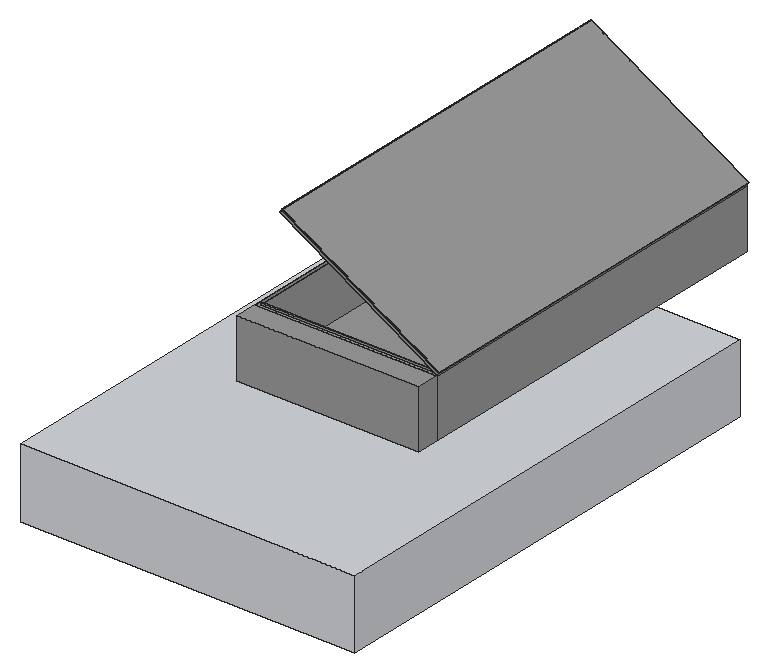
Revit family "Hager-Univers-IP55-D275-H1800-Cl.I-Steel_encl-AT-de", category Equipement électrique, Revit 2020
Family settings
  Hôte = Face
  Configuration du panneau = Deux colonnes, circuits au sein
  Cote de connecteur circulaire = Utiliser le diamètre
  Type d'élément = Tableau de raccordement
  Couper avec des vides une fois chargée = Non
  Partagée = Non
  Point de calcul de pièce = Non
Parameters (values of type "Bodenaufstellung IP55 B800 H1800 T275  - FR13E1")
  Width Control [instance] = if([EF000008 - Breite] > Min Width, [EF000008 - Breite], Min Width)  # 800 mm
  Commentaires du type = [HG000003 - Bereich]  # "Univers"
  Thickness Door [instance] = if([EF009171 - Materialstärke Tür/Deckel] > 3 mm, 3 mm, [EF009171 - Materialstärke Tür/Deckel])  # 1.5 mm
  Seal Frame Offset [instance] = 17 mm  # constant formula
  Plinth Visibility [instance] = [HG000027 - Sockelhöhe] > 0 mm  # yes
  Model = ""
  Min Width [instance] = 100 mm  # constant formula
  Min Height [instance] = 100 mm  # constant formula
  Min Depth [instance] = (2 * [EF009170 - Materialstärke Gehäuse]) + 1 mm  # 4 mm
  Internal Frame Depth [instance] = (Door System Depth * 0.5)  # 9 mm
  Height Control [instance] = if([EF000040 - Höhe] > Min Height, [EF000040 - Höhe], Min Height)  # 1800 mm
  HG000027 - Sockelhöhe = 100 mm
  HG000026 - Stehend auf dem Boden = yes
  HG000024 - Höhe des unteren Teils = 800 mm
  HG000023 - Gehäuse mit doppeltem Querschnitt = no
  HG000016 - 3D-Türsichtbarkeit [instance] = yes
  HG000015 - Sichtbarkeit der Türöffnung [instance] = no
  HG000014 - Tür rechts [instance] = yes
  HG000013 - Tür links [instance] = not([HG000014 - Tür rechts])  # no
  HG000012 - Türschwenkwinkel [instance] = 30.00°
  HG000010 - Asymmetrische Türen = no
  HG000009 - Doppelflügeligen Tür = no
  HG000006 - Unterputz = no
  HG000004 - Herstellerreferenz = "FR13E1"
  HG000003 - Bereich = "Univers"
  HG000002 - Mit tür = yes
  Frame Offset Bottom [instance] = 10 mm  # constant formula
  Frame Offset [instance] = 15 mm  # constant formula
  EF015940 - Deckel mit Überdruckentlastung = no
  EF011959 - Schutzart (NEMA) = ""
  EF009554 - Anzahl der Öffnungen für Flanschplatten = 6
  Fabricant = "Hager"  # constant formula
  EF009212 - Ausführung Deckel = "EV000116 - geschlossen"
  EF009171 - Materialstärke Tür/Deckel = 1.5 mm
  EF009170 - Materialstärke Gehäuse = 1.5 mm
  EF008873 - Nennstrom (In) = 800 A
  EF007800 - Geeignet für Blitzschutz = no
  EF006306 - Mit Schloss = no
  EF006244 - Transparenter Deckel/Tür = no
  EF005474 - Schutzart (IP) = "EV006420 - IP55"
  EF004464 - Art der Tür = "EV002646 - Einzel"
  EF004427 - Anzahl der Module = 396
  EF004293 - Schlagfestigkeit = "EV008784 - IK10"
  EF003532 - Geeignet für Außengebrauch = no
  EF002950 - Breite in Teilungseinheiten = 24
  EF001613 - Funktionserhalt = "EV000494 - ohne"
  EF001596 - Werkstoff des Gehäuses = "EV000179 - Stahl"
  EF001131 - Innentiefe = 275 mm
  EF001088 - Anbaumöglichkeit = yes
  EF000437 - Anzahl der Leitungseinführungen = 6
  EF000339 - Art der Abdeckung = "EV004216 - Tür"
  EF000266 - Anzahl der Reihen = 11
  EF000218 - Einbautiefe = 0 mm
  EF000118 - Mit Montageplatte = no
  EF000116 - RAL-Nummer = "7035"
  EF000049 - Tiefe = 275 mm
  EF000040 - Höhe = 1800 mm
  EF000008 - Breite = 800 mm
  EF000007 - Farbe = "EV000270 - grau"
  EF000003 - Montageart = "EV012274 - Bodenaufstellung"
  Door System Leaf Tolerance [instance] = 1.5 mm  # constant formula
  Door System Depth [instance] = 18 mm  # constant formula
  Door Height [instance] = Height Control - [HG000027 - Sockelhöhe]  # 1700 mm
  Depth Control [instance] = if([EF000049 - Tiefe] > Min Depth, [EF000049 - Tiefe], Min Depth)  # 275 mm
  Default Elevation = 0 mm
  Connector Offset [instance] = Height Control / 2  # 900 mm
  Bottom Top Plate Trim [instance] = 1.5 mm  # constant formula
  Plinth height Ctrl [instance] = if([HG000027 - Sockelhöhe] > 0 mm, [HG000027 - Sockelhöhe], 12 mm)  # 100 mm
Types (5, lengths in mm): name | Width Control | HG000010 - Asymmetrische Türen | HG000009 - Doppelflügeligen Tür | HG000004 - Herstellerreferenz | EF009554 - Anzahl der Öffnungen für Flanschplatten | EF004464 - Art der Tür | EF004427 - Anzahl der Module | EF000437 - Anzahl der Leitungseinführungen | EF000008 - Breite
  Bodenaufstellung IP55 B1050 H1800 T275  - FR14E1 | 1050 | yes | yes | "FR14E1" | 8 | "EV003602 - Doppel" | 528 | 8 | 1050
  Bodenaufstellung IP55 B1300 H1800 T275  - FR15E1 | 1300 | yes | yes | "FR15E1" | 10 | "EV003602 - Doppel" | 660 | 10 | 1300
  Bodenaufstellung IP55 B300 H1800 T275  - FR11E1 | 300 | no | no | "FR11E1" | 2 | "EV002646 - Einzel" | 132 | 2 | 300
  Bodenaufstellung IP55 B550 H1800 T275  - FR12E1 | 550 | no | no | "FR12E1" | 4 | "EV002646 - Einzel" | 264 | 4 | 550
  Bodenaufstellung IP55 B800 H1800 T275  - FR13E1 | 800 | no | no | "FR13E1" | 6 | "EV002646 - Einzel" | 396 | 6 | 800
Reference planes
  plane 1 "Center (Front/Back)": y = 0
  plane 2: z = 0
  plane 3 "Center (Left/Right)": x = 0
  plane 4: z = 275
  plane 5: y = 101.5
  plane 6: y = 950
  plane 7: y = 100
  plane 8: y = 1800
  plane 9: z = 0
  plane 10: x = -385
  plane 11: x = 385
  plane 12: x = 383.5
  plane 13: x = -383.5
  plane 14: y = 1798.5
  plane 15: x = -383
  plane 16: x = -400
  plane 17: x = 383
  plane 18: x = 400
  plane 19: x = 398.5
  plane 20: x = -398.5
  plane 21: y = 111.5
  plane 22: y = 1800
  plane 23: y = 1783.5
  plane 24: z = 257
  plane 25: z = 1.5
  plane 26: z = 255.5
  plane 27: z = 273.5
Forms (mm)
  Extrusion 1, solid
    sketch origin (0, 0, 0) x (1, 0, 0) y (0, 1, 0)
      loop
        line (-702.964, 1305) -> (-702.964, -811.445) -> (766.763, -811.445) -> (766.763, 1305) -> (-702.964, 1305)
    from 0 to -304.8
  Extrusion 2, solid, material "Hager_Steel_RAL7035_Light_Grey", visible <- "Plinth Visibility", detail levels medium+fine
    sketch origin (0, 0, 0) x (1, 0, 0) y (0, 1, 0)
      loop
        line (-400, 0) -> (400, 0) -> (400, 100) -> (-400, 100) -> (-400, 0)
    from 0 to 257
  Extrusion 3, solid, material "Hager_Steel_RAL7035_Light_Grey", detail levels medium+fine
    sketch origin (0, 0, 0) x (1, 0, 0) y (0, 1, 0)
      loop
        line (-400, 100) -> (400, 100) -> (400, 1800) -> (-400, 1800) -> (-400, 100)
    from 0 to 257
  Extrusion 4, void
    sketch origin (0, 0, 0) x (1, 0, 0) y (0, 1, 0)
      loop
        line (-398.5, 101.5) -> (398.5, 101.5) -> (398.5, 1798.5) -> (-398.5, 1798.5) -> (-398.5, 101.5)
    from 1.5 to 255.5
  Extrusion 5, void
    sketch origin (-381.607, -4572, 257) x (0, -1, 0) y (-1, 0, 0)
      loop
        line (-4683.5, 1.893) -> (-6355.5, 1.893) -> (-6355.5, -765.107) -> (-4683.5, -765.107) -> (-4683.5, 1.893)
    from 0 to 1.5 <- "EF009170 - Materialstärke Gehäuse"
  Extrusion 6, solid, material "Hager_Steel_RAL7035_Light_Grey", detail levels fine
    sketch origin (0, 0, 257) x (1, 0, 0) y (0, 1, 0)
      loop
        line (-383.5, 1783.5) -> (-383.5, 111.5) -> (383.5, 111.5) -> (383.5, 1783.5) -> (-383.5, 1783.5)
      loop
        line (-385, 110) -> (385, 110) -> (385, 1785) -> (-385, 1785) -> (-385, 110)
    from 0 to 9 <- "Internal Frame Depth"
  Extrusion 7, solid, material "Hager_Steel_RAL7035_Light_Grey", detail levels coarse
    sketch origin (0, 0, 0) x (1, 0, 0) y (0, 1, 0)
      loop
        line (-400, 0) -> (400, 0) -> (400, 1800) -> (-400, 1800) -> (-400, 0)
    from 0 to 275
  Sweep 8, void
    path in 3D
      loop
        line (-400, 100, 0) -> (400, 100, 0) -> (400, 100, 257) -> (-400, 100, 257) -> (-400, 100, 0)
    profile origin (-400, 100, 128.5) x (-1, 0, 0) y (0, -1, 0)
      loop
        line (0, 0) -> (0, 1.5) -> (-1.5, 1.5)
        arc (-1.5, 1.5) -> (-1.061, 0.439) -> (0, 0) r 1.5
Cuts and joins
  Extrusion 4, Extrusion 5 cuts Extrusion 3
  Sweep 8 cuts Extrusion 2
Lines and regions (mm)
  Masking region 1
    outline origin (0, 0, 0) x (1, 0, 0) y (0, 0, 1)
      loop
        line (-400, 275) -> (-400, 0) -> (400, 0) -> (400, 275) -> (-400, 275)
  Masking region 2, detail levels medium+fine
    outline origin (0, 140, 0) x (0, 1, 0) y (0, 0, 1)
      loop
        line (-40, 0) -> (1660, 0) -> (1660, 257) -> (-40, 257) -> (-40, 0)
  Masking region 3, not visible, detail levels medium+fine
    outline origin (0, 297.922, 0) x (0, 1, 0) y (0, 0, 1)
      loop
        line (663.578, 0) -> (703.578, 0) -> (703.578, 263.5)
        arc (703.578, 263.5) -> (700.649, 270.571) -> (693.578, 273.5) r 10
        line (693.578, 273.5) -> (663.578, 273.5) -> (663.578, 0)
  Masking region 4, detail levels coarse
    outline origin (0, 0, 180) x (0, 1, 0) y (0, 0, 1)
      loop
        line (0, -180) -> (1800, -180) -> (1800, 95) -> (0, 95) -> (0, -180)
  Masking region 5, visible <- "Plinth Visibility", detail levels medium+fine
    outline origin (0, 52.24, 12.345) x (0, 0, -1) y (0, 1, 0)
      loop
        line (10.845, 47.76) -> (-243.155, 47.76)
        arc (-243.155, 47.76) -> (-243.594, 46.699) -> (-244.655, 46.26) r 1.5
        line (-244.655, 46.26) -> (-244.655, -52.24) -> (12.345, -52.24) -> (12.345, 46.26)
        arc (12.345, 46.26) -> (11.285, 46.699) -> (10.845, 47.76) r 1.5
  Masking region 6, detail levels medium+fine
    outline origin (-381.607, -4572, 257) x (-1, 0, 0) y (0, -1, 0)
      loop
        line (18.393, -6372) -> (18.393, -4672) -> (-781.607, -4672) -> (-781.607, -6372) -> (18.393, -6372)
  Masking region 7, visible <- "Plinth Visibility", detail levels medium+fine
    outline origin (-381.607, -4727, 257) x (-1, 0, 0) y (0, -1, 0)
      loop
        arc (16.893, -4827) -> (17.332, -4825.939) -> (18.393, -4825.5) r 1.5
        line (18.393, -4825.5) -> (18.393, -4727) -> (-781.607, -4727) -> (-781.607, -4825.5)
        arc (-781.607, -4825.5) -> (-780.546, -4825.939) -> (-780.107, -4827) r 1.5
        line (-780.107, -4827) -> (16.893, -4827)
  Masking region 8, detail levels coarse
    outline origin (-442.548, -4669.526, 257) x (-1, 0, 0) y (0, -1, 0)
      loop
        line (-42.548, -6469.526) -> (-42.548, -4669.526) -> (-842.548, -4669.526) -> (-842.548, -6469.526) -> (-42.548, -6469.526)
  sketch lines
    curve 1: line (-400, 100, 257) -> (-400, 100, 0)
    curve 2: line (400, 100, 257) -> (-400, 100, 257)
    curve 3: line (400, 100, 257) -> (400, 100, 0)
    curve 4: line (-400, 100, 0) -> (400, 100, 0)
Dimensions and locks
  "Depth Control": plane 4 to Extrusion 1
  "HG000027 - Sockelhöhe": plane 1 "Center (Front/Back)" to plane 7
  "EF009170 - Materialstärke Gehäuse": plane 5 to plane 7
  locked: connector elem to plane 3 "Center (Left/Right)"
  equal spacing: plane 8, plane 6, plane 7
  locked: connector elem to plane 6
  "EF009170 - Materialstärke Gehäuse": plane 8 to plane 14
  "EF009170 - Materialstärke Gehäuse": plane 10 to plane 13
  "EF009170 - Materialstärke Gehäuse": plane 12 to plane 11
  "Frame Offset": plane 20 to plane 13
  "Frame Offset": plane 12 to plane 19
  "EF009170 - Materialstärke Gehäuse": plane 16 to plane 20
  "EF009170 - Materialstärke Gehäuse": plane 19 to plane 18
  "Seal Frame Offset": plane 16 to plane 15
  "Seal Frame Offset": plane 17 to plane 18
  "Frame Offset Bottom": plane 21 to plane 5
  "Frame Offset": plane 14 to plane 23
  equal spacing: plane 16, plane 3 "Center (Left/Right)", plane 18
  "Width Control": plane 16 to plane 18
  "EF009170 - Materialstärke Gehäuse": plane 4 to plane 27
  "EF009170 - Materialstärke Gehäuse": plane 24 to plane 26
  "EF009170 - Materialstärke Gehäuse": plane 25 to level
  "Door System Depth": plane 4 to plane 24
  "Height Control": plane 1 "Center (Front/Back)" to Extrusion 7 sketch curve
  "Height Control": Masking region 4 sketch curve to plane 1 "Center (Front/Back)"
  "Height Control": plane 1 "Center (Front/Back)" to plane 22
  "Bottom Top Plate Trim": profile plane to Sweep 8 sketch curve
  "Bottom Top Plate Trim": Sweep 8 sketch curve to profile plane
  "Plinth height Ctrl": plane 1 "Center (Front/Back)" to Extrusion 2 sketch curve
  "Plinth height Ctrl": Masking region 5 sketch curve to plane 1 "Center (Front/Back)"
  "Plinth height Ctrl": plane 1 "Center (Front/Back)" to Masking region 7 sketch curve
  "Thickness Door": Extrusion 6 sketch curve to Extrusion 6 sketch curve  (x3)
  "Thickness Door": cut or joined group of Extrusion 3, Extrusion 4, Extrusion 5 to Extrusion 6 sketch curve
  radius of Masking region 3 sketch curve = 10 mm
  "Bottom Top Plate Trim": radius of Masking region 5 sketch curve  (x2)
  "Bottom Top Plate Trim": radius of Sweep 8 sketch curve
  "Bottom Top Plate Trim": radius of Masking region 7 sketch curve  (x2)
  aligned and locked: plane 2 to Extrusion 1
  aligned and locked: level to Extrusion 1
  aligned and locked: level to Masking region 1 sketch curve
  aligned and locked: Masking region 1 sketch curve to plane 18
  aligned and locked: Masking region 1 sketch curve to plane 16
  aligned and locked: plane 7 to Masking region 2 sketch curve
  aligned and locked: level to Masking region 3 sketch curve
  aligned and locked: Masking region 3 sketch curve to plane 27
  aligned and locked: level to Masking region 2 sketch curve
  aligned and locked: plane 1 "Center (Front/Back)" to Extrusion 2 sketch curve
  aligned and locked: Extrusion 3 sketch curve to plane 7
  aligned and locked: plane 16 to Extrusion 3 sketch curve
  aligned and locked: plane 18 to Extrusion 3 sketch curve
  aligned and locked: plane 20 to Extrusion 4 sketch curve
  aligned and locked: plane 19 to Extrusion 4 sketch curve
  aligned and locked: Extrusion 4 sketch curve to plane 5
  aligned and locked: Extrusion 4 to plane 25
  aligned and locked: plane 26 to Extrusion 4
  aligned and locked: plane 24 to Extrusion 3
  aligned and locked: Extrusion 5 sketch curve to plane 21
  aligned and locked: Extrusion 5 sketch curve to plane 13
  aligned and locked: Extrusion 5 sketch curve to plane 12
  aligned and locked: plane 18 to Extrusion 7 sketch curve
  aligned and locked: plane 1 "Center (Front/Back)" to Extrusion 7 sketch curve
  aligned and locked: plane 16 to Extrusion 7 sketch curve
  aligned and locked: plane 4 to Extrusion 7
  aligned and locked: Extrusion 7 to level
  aligned and locked: level to Masking region 4 sketch curve
  aligned and locked: Masking region 4 sketch curve to plane 1 "Center (Front/Back)"
  aligned and locked: Masking region 4 sketch curve to plane 4
  aligned and locked: nested 1 to level
  aligned and locked: nested 1 to plane 16
  aligned and locked: plane 8 to Extrusion 3 sketch curve
  aligned and locked: plane 23 to Extrusion 5 sketch curve
  aligned and locked: plane 14 to Extrusion 4 sketch curve
  aligned and locked: Masking region 2 sketch curve to plane 8
  aligned and locked: level to Masking region 5 sketch curve
  aligned and locked: plane 16 to Extrusion 2 sketch curve
  aligned and locked: plane 18 to Extrusion 2 sketch curve
  aligned and locked: Masking region 5 sketch curve to plane 24
  aligned and locked: Masking region 2 sketch curve to plane 24
  aligned and locked: plane 24 to Extrusion 2
  aligned and locked: profile plane to Sweep 8 sketch curve  (x2)
  aligned and locked: Masking region 6 sketch curve to plane 18
  aligned and locked: Masking region 6 sketch curve to plane 22
  aligned and locked: Masking region 6 sketch curve to plane 16
  aligned and locked: plane 8 to plane 22
  aligned and locked: Masking region 6 sketch curve to plane 7
  aligned and locked: Masking region 7 sketch curve to plane 16
  aligned and locked: Masking region 7 sketch curve to plane 1 "Center (Front/Back)"
  aligned and locked: Masking region 7 sketch curve to plane 18
  aligned and locked: Masking region 8 sketch curve to plane 1 "Center (Front/Back)"
  aligned and locked: Masking region 8 sketch curve to plane 18
  aligned and locked: Masking region 8 sketch curve to plane 22
  aligned and locked: Masking region 8 sketch curve to plane 16
  aligned and locked: nested 2 to plane 7
  aligned and locked: plane 3 "Center (Left/Right)" to nested 2
  aligned and locked: nested 2 to plane 24
  aligned and locked: Extrusion 6 sketch curve to cut or joined group of Extrusion 3, Extrusion 4, Extrusion 5  (x4)
Automatic sketch dimensions
  Extrusion 1 sketch curve to Extrusion 1 sketch curve = 1469.727 mm
  Extrusion 1 sketch curve to Extrusion 1 sketch curve = 2116.445 mm
  Masking region 1 sketch curve to plane 4 = 0 mm
  plane 6 to Masking region 3 sketch curve = 11.5 mm
  Masking region 3 sketch curve to Masking region 3 sketch curve = 30 mm
  Masking region 5 sketch curve to plane 1 "Center (Front/Back)" = 0 mm
Nested families
  nested 1: "Hager_Enclosure_Symbol" at (-400, 0, 0) x (1, 0, 0) z (0, -1, 0), Height <- "Depth Control", Width <- "Width Control", type "Hager_Enclosure_Symbol"
    with Width_Ctrl 800 mm, Width 800 mm, Height_Ctrl 275 mm, Height 275 mm, A_Width_Int 18.047 mm, A_Width 216.562 mm, A_Height_Ctrl 240.625 mm, A_Height 240.625 mm
  nested 2: "EC000058_Univers_Door" at (0, 100, 257) x (1, 0, 0) z (0, 1, 0), Leaf_Tolerance <- "Door System Leaf Tolerance", Angle <- "HG000012 - Türschwenkwinkel", Door_Depth <- "Door System Depth", Door_Left <- "HG000013 - Tür links", Transparent <- "EF006244 - Transparenter Deckel/Tür", Assymetrical <- "HG000010 - Asymmetrische Türen", Width <- "Width Control", Clearance <- "HG000015 - Sichtbarkeit der Türöffnung", Double <- "HG000009 - Doppelflügeligen Tür", 3d_Door <- "HG000016 - 3D-Türsichtbarkeit", Lock_Visibility <- "EF006306 - Mit Schloss", Width_Ctrl <- "Width Control", Door_Right <- "HG000014 - Tür rechts", Door <- "HG000002 - Mit tür", Height <- "Door Height", Thickness <- "Thickness Door", type "EC000058_Univers_Door", detail levels medium+fine
    with min_wh 4 mm, Width_Ctrl 800 mm, Width 800 mm, Transparent no, Thickness 1.5 mm, Seal_Material Hager_Rubber, Lock_Visibility no, Lock_Material Hager_Plastic_RAL9005_Jet_Black, Leaf_Width 800 mm, Leaf_Tolerance_External_Sides 0 mm, Leaf_Tolerance 1.5 mm, Leaf_Offset 0 mm, Leaf_Height 1697 mm, Leaf_2_Width 800 mm, Leaf_2_Offset 400 mm, Leaf_1_Width 800 mm, Leaf_1_Offset 400 mm, Height_Ctrl 1700 mm, Height 1700 mm, Glass_Material Hager_Glass, Double_Clearance_Ctrl no, Double no, Door_Right_Ctrl yes, Door_Right yes, Door_Material Hager_Steel_RAL7035_Light_Grey, Door_Left_Ctrl no, Door_Left no, Door_Depth 18 mm, Door yes, Clearance_Material Hager_Clearance, Clearance_Depth 800 mm, Clearance_Ctrl no, Clearance no, Assymetrical no, Angle 30.00°, 3d_Door yes
Connectors
  electrical at (0, 950, 0)
    settings: on plane 9, index 1, voltage 0 V, apparent load 0 VA, apparent load phase1 0 VA, apparent load phase2 0 VA, apparent load phase3 0 VA, power factor 1, load classification "Other", number of poles 1, system type 30, power factor state 1, is connector primary yes, connector utility no, sub classification motor no, connector description ""
Definition of nested family "EC000058_Univers_Door"
  Parameters (values of type "EC000058_Univers_Door")
    min_wh [instance] = (2 * Thickness) + 1 mm  # 11 mm
    Width_Ctrl [instance] = 400 mm
    Width [instance] = 500 mm
    Transparent [instance] = yes
    Thickness [instance] = 5 mm
    Seal_Material [instance] = none
    Lock_Visibility [instance] = yes
    Lock_Material [instance] = none
    Leaf_Width [instance] = if((Width_Ctrl - 2 * Leaf_Tolerance_External_Sides) > 0 mm, (Width_Ctrl - 2 * Leaf_Tolerance_External_Sides), min_wh)  # 400 mm
    Leaf_Tolerance_External_Sides [instance] = 0 mm  # constant formula
    Leaf_Tolerance [instance] = 1.5 mm
    Leaf_Offset [instance] = 0 mm  # constant formula
    Leaf_Height [instance] = if((Height_Ctrl - 2 * Leaf_Tolerance) > 0 mm, (Height_Ctrl - 2 * Leaf_Tolerance), min_wh)  # 497 mm
    Leaf_2_Width [instance] = if(and(and(Double, Assymetrical), Door_Left), (Leaf_Width / 3) - (Leaf_Tolerance / 2), if(and(and(Double, Assymetrical), Door_Right), (Leaf_Width / 3) * 2 - (Leaf_Tolerance / 2), if(and(Double, not(Assymetrical)), (Leaf_Width / 2) - Leaf_Tolerance, Leaf_Width)))  # 400 mm
    Leaf_2_Offset [instance] = if(and(Double, Assymetrical), Leaf_2_Width / 2, if(and(Double, not(Assymetrical)), Leaf_Width / 4, Leaf_Width / 2))  # 200 mm
    Leaf_1_Width [instance] = if(and(and(Double, Assymetrical), Door_Right), (Leaf_Width / 3) - (Leaf_Tolerance / 2), if(and(and(Double, Assymetrical), Door_Left), (Width / 3) * 2 - (Leaf_Tolerance / 2), if(and(Double, not(Assymetrical)), (Leaf_Width / 2) - Leaf_Tolerance, Leaf_Width)))  # 400 mm
    Leaf_1_Offset [instance] = if(and(Double, Assymetrical), Leaf_1_Width / 2, if(and(Double, not(Assymetrical)), Leaf_Width / 4, Leaf_Width / 2))  # 200 mm
    Height_Ctrl [instance] = if(Height > min_wh, Height, min_wh)  # 500 mm
    Height [instance] = 500 mm
    Glass_Material [instance] = none
    Double_Clearance_Ctrl [instance] = and(Double, Clearance)  # no
    Double [instance] = no
    Door_Right_Ctrl [instance] = and(or(Door_Right, Double), Door)  # yes
    Door_Right [instance] = yes
    Door_Material [instance] = none
    Door_Left_Ctrl [instance] = and(or(Door_Left, Double), Door)  # no
    Door_Left [instance] = no
    Door_Depth [instance] = 30 mm
    Door [instance] = yes
    Default Elevation = 1219.2 mm
    Clearance_Material [instance] = none
    Clearance_Depth [instance] = if(Leaf_1_Width > Leaf_2_Width, Leaf_1_Width, Leaf_2_Width)  # 400 mm
    Clearance_Ctrl [instance] = and(not(Double), Clearance)  # yes
    Clearance [instance] = yes
    Assymetrical [instance] = yes
    Angle [instance] = 30.00°
    3d_Door [instance] = yes
  Reference planes
    plane 1 "Center (Front/Back)": y = 0
    plane 2 "Bottom": z = 0
    plane 3 "Center (Left/Right)": x = 0
    plane 4: z = 500
    plane 5: x = -200
    plane 6: x = 200
    plane 7: z = 500
    plane 8: x = -200
    plane 9: z = 0
    plane 10: x = 200
    plane 11: y = 0
    plane 12: z = 1.5
    plane 13: x = -600
    plane 14: y = -400
    plane 15: x = 600
    plane 16: x = 0
    plane 17: x = 0
    plane 18: x = -200
    plane 19: x = 200
    plane 20: z = 498.5
  Forms (mm)
    Extrusion 1, solid, material <- "Clearance_Material", visible <- "Double_Clearance_Ctrl"
      sketch origin (1200, 0, 0) x (1, 0, 0) y (0, 0, -1)
        loop
          line (-1800, -498.5) -> (-600, -498.5) -> (-600, 0) -> (-1800, 0) -> (-1800, -498.5)
      from 0 to -400
  Dimensions and locks
    equal spacing: plane 5, plane 3 "Center (Left/Right)", plane 6
    "Width_Ctrl": plane 5 to plane 6
    "Leaf_Offset": plane 5 to plane 8
    "Leaf_Offset": plane 6 to plane 10
    "Leaf_Offset": plane 9 to level
    "Leaf_Offset": plane 4 to plane 7
    "Height_Ctrl": plane 4 to level
    "Leaf_Tolerance": plane 12 to plane 9
    locked: plane 11 to plane 1 "Center (Front/Back)"
    "Leaf_1_Offset": plane 18 to plane 16
    "Leaf_2_Offset": plane 17 to plane 19
    "Leaf_1_Width": plane 13 to plane 8
    "Leaf_2_Width": plane 10 to plane 15
    "Clearance_Depth": plane 14 to plane 1 "Center (Front/Back)"
    "Leaf_Tolerance_External_Sides": plane 8 to plane 18
    "Leaf_Tolerance_External_Sides": plane 19 to plane 10
    "Leaf_Tolerance": plane 7 to plane 20
    aligned and locked: level to plane 2 "Bottom"
    aligned and locked: nested 1 to plane 16
    aligned and locked: nested 2 to plane 17
    aligned and locked: Extrusion 1 to plane 13
    aligned and locked: plane 15 to Extrusion 1
    aligned and locked: Extrusion 1 to plane 14
    aligned and locked: plane 12 to nested 1
    aligned and locked: nested 2 to plane 12
    aligned and locked: Extrusion 1 to plane 11
    aligned and locked: plane 20 to Extrusion 1
    aligned and locked: nested 2 to plane 11
    aligned and locked: nested 1 to plane 11
  Automatic sketch dimensions
    Extrusion 1 sketch curve to level = 0 mm
    plane 5 to Extrusion 1 sketch curve = 400 mm
    plane 6 to Extrusion 1 sketch curve = 400 mm
    Extrusion 1 sketch curve to plane 4 = 1.5 mm
  Nested families
    nested 1: "EC000058_Univers_Door_Leaf" at (0, 0, 1.5), Width <- "Leaf_1_Width", visible <- "Door_Left_Ctrl", Leaf_Height <- "Leaf_Height", Angle <- "Angle", 3d_Door <- "3d_Door", Transparent <- "Transparent", Clearance Material <- "Clearance_Material", Clearance <- "Clearance_Ctrl", Door_Material <- "Door_Material", Glass_Material <- "Glass_Material", Door_Depth <- "Door_Depth", Lock_Material <- "Lock_Material", Seal_Material <- "Seal_Material", Lock_Visibility <- "Lock_Visibility", Thickness <- "Thickness", type "EC000058_Univers_Door_Leaf"
      with Width 400 mm, Transparent_Glass_Offset 30 mm, Transparent_Ctrl yes, Transparent yes, Thickness 5 mm, Standard no, Seal_Material none, Seal_D2 8 mm, Seal_D1 1 mm, Offset_Internal_Frame 10 mm, Lock_Width 20 mm, Lock_Visibility_3d yes, Lock_Visibility yes, Lock_Thickness_3 3 mm, Lock_Thickness_2 1 mm, Lock_Thickness_1 3 mm, Lock_Radius_Offset_2 16 mm, Lock_Radius_Offset_1 15 mm, Lock_Radius_2 5 mm, Lock_Radius 6 mm, Lock_Offset 5 mm, Lock_Material none, Lock_Height 80 mm, Lock_Cover_Top_Offset_2d 17 mm, Lock_Cover_Height -65 mm, Leaf_Height 497 mm, Internal_Seal_Thickness 8 mm, Internal_Seal_Depth_2 4.5 mm, Internal_Frame_Depth 25 mm, Glass_Thickness -1 mm, Glass_Offset -2 mm, Glass_Material none, Door_Material none, Door_Depth 30 mm, Clearance Material none, Clearance yes, Angle_Ctrl 30.00°, Angle 30.00°, 3d_Door yes
    nested 2: "EC000058_Univers_Door_Leaf" at (0, 0, 1.5) x (-1, 0, 0) z (0, 0, 1), Width <- "Leaf_2_Width", visible <- "Door_Right_Ctrl", Leaf_Height <- "Leaf_Height", Angle <- "Angle", 3d_Door <- "3d_Door", Transparent <- "Transparent", Clearance Material <- "Clearance_Material", Clearance <- "Clearance_Ctrl", Door_Material <- "Door_Material", Glass_Material <- "Glass_Material", Door_Depth <- "Door_Depth", Lock_Material <- "Lock_Material", Seal_Material <- "Seal_Material", Lock_Visibility <- "Lock_Visibility", Thickness <- "Thickness", type "EC000058_Univers_Door_Leaf"
      with Width 400 mm, Transparent_Glass_Offset 30 mm, Transparent_Ctrl yes, Transparent yes, Thickness 5 mm, Standard no, Seal_Material none, Seal_D2 8 mm, Seal_D1 1 mm, Offset_Internal_Frame 10 mm, Lock_Width 20 mm, Lock_Visibility_3d yes, Lock_Visibility yes, Lock_Thickness_3 3 mm, Lock_Thickness_2 1 mm, Lock_Thickness_1 3 mm, Lock_Radius_Offset_2 16 mm, Lock_Radius_Offset_1 15 mm, Lock_Radius_2 5 mm, Lock_Radius 6 mm, Lock_Offset 5 mm, Lock_Material none, Lock_Height 80 mm, Lock_Cover_Top_Offset_2d 17 mm, Lock_Cover_Height -65 mm, Leaf_Height 497 mm, Internal_Seal_Thickness 8 mm, Internal_Seal_Depth_2 4.5 mm, Internal_Frame_Depth 25 mm, Glass_Thickness -1 mm, Glass_Offset -2 mm, Glass_Material none, Door_Material none, Door_Depth 30 mm, Clearance Material none, Clearance yes, Angle_Ctrl 30.00°, Angle 30.00°, 3d_Door yes
  Definition of nested family "EC000058_Univers_Door_Leaf"
    Parameters (values of type "EC000058_Univers_Door_Leaf")
      Width [instance] = 2000 mm
      Transparent_Glass_Offset [instance] = 30 mm
      Transparent_Ctrl [instance] = and(Transparent, [3d_Door])  # yes
      Transparent [instance] = yes
      Thickness [instance] = 5 mm
      Standard [instance] = and(not(Transparent), [3d_Door])  # no
      Seal_Material [instance] = none
      Seal_D2 [instance] = 8 mm  # constant formula
      Seal_D1 [instance] = 1 mm  # constant formula
      Offset_Internal_Frame [instance] = 10 mm  # constant formula
      Lock_Width [instance] = 20 mm  # constant formula
      Lock_Visibility_3d [instance] = and(Lock_Visibility, [3d_Door])  # yes
      Lock_Visibility [instance] = yes
      Lock_Thickness_3 [instance] = 3 mm  # constant formula
      Lock_Thickness_2 [instance] = 1 mm  # constant formula
      Lock_Thickness_1 [instance] = 3 mm  # constant formula
      Lock_Radius_Offset_2 [instance] = Lock_Radius_Offset_1 + 1 mm  # 16 mm
      Lock_Radius_Offset_1 [instance] = 15 mm  # constant formula
      Lock_Radius_2 [instance] = Lock_Radius - 1 mm  # 5 mm
      Lock_Radius [instance] = 6 mm  # constant formula
      Lock_Offset [instance] = 5 mm  # constant formula
      Lock_Material [instance] = none
      Lock_Height [instance] = 80 mm  # constant formula
      Lock_Cover_Top_Offset_2d [instance] = Lock_Radius_Offset_2 + 1 mm  # 17 mm
      Lock_Cover_Height [instance] = -(Lock_Height - Lock_Radius_Offset_1)  # -65 mm
      Leaf_Height [instance] = 2720.336 mm
      Internal_Seal_Thickness [instance] = 8 mm  # constant formula
      Internal_Seal_Depth_2 [instance] = 4.5 mm  # constant formula
      Internal_Frame_Depth [instance] = if(Door_Depth - Thickness > 5 mm, Door_Depth - Thickness, 5 mm)  # 25 mm
      Glass_Thickness [instance] = if(Thickness > 15 mm, Glass_Offset + 10 mm, -1 mm)  # -1 mm
      Glass_Offset [instance] = if(Thickness > 15 mm, -(Thickness + 10 mm) / 2, -2 mm)  # -2 mm
      Glass_Material [instance] = none
      Door_Material [instance] = none
      Door_Depth [instance] = 30 mm
      Default Elevation = 0 mm
      Clearance Material [instance] = none
      Clearance [instance] = yes
      Angle_Ctrl [instance] = if(Angle > 180.00°, 180.00°, Angle)  # 90.00°
      Angle [instance] = 90.00°
      3d_Door [instance] = yes
    Reference planes
      plane 1 "Center (Front/Back)": y = 0
      plane 2: z = 0
      plane 3 "Center (Left/Right)": x = 0
      plane 4: y = 2000
      plane 5: x = -1000
      plane 6: x = 1000
      plane 7: x = -3000
      plane 8: z = 2720.336
      plane 9: z = 30
      plane 10: z = 2690.336
      plane 11: x = 970
      plane 12: x = -970
      plane 13: y = -3
      plane 14: z = 107.833
      plane 15: y = -5
      plane 16: y = -223.314
      plane 17: x = -1000
      plane 18: z = 1360.168
      plane 19: y = 30
    Forms (mm)
      Extrusion 1, solid, material <- "Clearance Material", visible <- "Clearance"
        sketch origin (0, 0, 0) x (1, 0, 0) y (0, 0, 1)
          loop
            line (-3000, 2720.336) -> (-3000, 0) -> (1000, 0) -> (1000, 2720.336) -> (-3000, 2720.336)
        from 0 to -2000
      Extrusion 2, solid, material <- "Door_Material", visible <- "Standard", detail levels medium+fine
        sketch origin (-1000, 0, 0) x (0, 1, 0) y (-1, 0, 0)
          loop
            line (0, 30) -> (0, 25) -> (2000, 25) -> (2000, 30) -> (0, 30)
        from 0 to 2720.336 <- "Leaf_Height"
      Extrusion 3, solid, material <- "Door_Material", visible <- "Transparent_Ctrl", detail levels medium+fine
        sketch origin (-1000, 0, 0) x (0, 1, 0) y (-1, 0, 0)
          loop
            line (0, 25) -> (2000, 25) -> (2000, 30) -> (0, 30) -> (0, 25)
        from 0 to 2720.336 <- "Leaf_Height"
      Extrusion 4, void
        sketch origin (-1025, 2000, 0) x (0, 1, 0) y (0, 0, -1)
          loop
            line (-30, -2690.336) -> (-30, -30) -> (-1970, -30) -> (-1970, -2690.336) -> (-30, -2690.336)
        from 0 to 5 <- "Thickness"
      Sweep 5, solid, material <- "Seal_Material", visible <- "Transparent_Ctrl", detail levels fine
        path in 3D
          loop
            line (-1025, 30, 30) -> (-1025, 30, 2690.336) -> (-1025, 1970, 2690.336) -> (-1025, 1970, 30) -> (-1025, 30, 30)
        profile origin (-1025, 1000, 30) x (1, 0, 0) y (0, 0, 1)
          loop
            line (0, 0) -> (0, -8) -> (1, -8) -> (1, 0) -> (0, 0)
      Extrusion 6, solid, material <- "Glass_Material", visible <- "Transparent_Ctrl", detail levels medium+fine
        sketch origin (-1030, 0, 0) x (0, 1, 0) y (0, 0, -1)
          loop
            line (1970, -2690.336) -> (1970, -30) -> (30, -30) -> (30, -2690.336) -> (1970, -2690.336)
        from -2 <- "Glass_Offset" to -1 <- "Glass_Thickness"
      Extrusion 7, solid, material <- "Door_Material", visible <- "3d_Door", detail levels medium+fine
        sketch origin (-1025, 2000, 0) x (0, -1, 0) y (0, 0, -1)
          loop
            line (0, -2720.336) -> (2000, -2720.336) -> (2000, 0) -> (0, 0) -> (0, -2720.336)
          loop
            line (1995, -5) -> (5, -5) -> (5, -2715.336) -> (1995, -2715.336) -> (1995, -5)
        from 0 to 25 <- "Internal_Frame_Depth"
      Sweep 8, solid, material <- "Seal_Material", visible <- "Transparent_Ctrl", detail levels fine
        path in 3D
          loop
            line (-1025, 0, 0) -> (-1025, 2000, 0) -> (-1025, 2000, 2720.336) -> (-1025, 0, 2720.336) -> (-1025, 0, 0)
        profile origin (-1025, 0, 1360.168) x (1, 0, 0) y (0, 1, 0)
          loop
            line (0, 10) -> (2.975, 10)
            arc (2.975, 10) -> (4.053, 10.447) -> (4.5, 11.525) r 1.525
            line (4.5, 11.525) -> (4.5, 16.527)
            arc (4.5, 16.527) -> (4.069, 17.569) -> (3.027, 18) r 1.473
            line (3.027, 18) -> (0, 18) -> (0, 10)
      Extrusion 9, solid, material <- "Lock_Material", visible <- "Lock_Visibility_3d", detail levels fine
        sketch origin (-1030, 0, 0) x (0, 1, 0) y (0, 0, -1)
          loop
            arc (1993.5, -1400.168) -> (1994.561, -1399.729) -> (1995, -1398.668) r 1.5
            line (1995, -1398.668) -> (1995, -1320.168) -> (1975, -1320.168) -> (1975, -1398.668)
            arc (1975, -1398.668) -> (1975.439, -1399.729) -> (1976.5, -1400.168) r 1.5
            line (1976.5, -1400.168) -> (1993.5, -1400.168)
        from 3 <- "Lock_Thickness_1" to 0
      Blend 10, solid, material <- "Lock_Material", visible <- "Lock_Visibility_3d", detail levels fine
        base sketch origin (-1033, 0, 0) x (0, 1, 0) y (0, 0, -1)
          loop
            line (1975, -1320.168) -> (1975, -1398.668)
            arc (1975, -1398.668) -> (1975.439, -1399.729) -> (1976.5, -1400.168) r 1.5
            line (1976.5, -1400.168) -> (1993.5, -1400.168)
            arc (1993.5, -1400.168) -> (1994.561, -1399.729) -> (1995, -1398.668) r 1.5
            line (1995, -1398.668) -> (1995, -1320.168) -> (1975, -1320.168)
        top sketch origin (-1033, 0, 0) x (0, 1, 0) y (0, 0, -1)
          loop
            line (1976, -1320.168) -> (1976, -1398.668)
            arc (1976, -1398.668) -> (1976.146, -1399.022) -> (1976.5, -1399.168) r 0.5
            line (1976.5, -1399.168) -> (1993.5, -1399.168)
            arc (1993.5, -1399.168) -> (1993.854, -1399.022) -> (1994, -1398.668) r 0.5
            line (1994, -1398.668) -> (1994, -1320.168) -> (1976, -1320.168)
        from 0 to 1 <- "Lock_Thickness_2"
      Blend 11, solid, material <- "Lock_Material", visible <- "Lock_Visibility_3d", detail levels fine
        base sketch origin (-1034, 0, 0) x (0, 1, 0) y (0, 0, -1)
          loop
            line (1978, -1320.168) -> (1978, -1384.168)
            arc (1978, -1384.168) -> (1985, -1391.168) -> (1992, -1384.168) r 7
            line (1992, -1384.168) -> (1992, -1320.168) -> (1978, -1320.168)
        top sketch origin (-1034, 0, 0) x (0, 1, 0) y (0, 0, -1)
          loop
            line (1991, -1320.168) -> (1979, -1320.168) -> (1979, -1383.168)
            arc (1979, -1383.168) -> (1985, -1389.168) -> (1991, -1383.168) r 6
            line (1991, -1383.168) -> (1991, -1320.168)
        from 0 to 3 <- "Lock_Thickness_3"
      Extrusion 12, solid, material <- "Lock_Material", visible <- "Lock_Visibility_3d", detail levels fine
        sketch origin (-1030, 1975, 1320.168) x (1, 0, 0) y (0, -1, 0)
          loop
            line (-7, -19) -> (-7, -1) -> (0, -1) -> (0, 0) -> (-8, 0) -> (-8, -20) -> (0, -20) -> (0, -19) -> (-7, -19)
        from 0 to -65 <- "Lock_Cover_Height"
      Extrusion 13, void
        sketch origin (-1038, 1995, 1320.168) x (-1, 0, 0) y (0, 0, -1)
          loop
            line (-5, -65) -> (0, -65) -> (-5, -60) -> (-5, -65)
        from 0 to 20 <- "Lock_Width"
      Extrusion 14, void
        sketch origin (-1038, 1975, 1320.168) x (0, -1, 0) y (0, 0, -1)
          loop
            circle (-10, -15.995) r 6
          loop
            circle (-10, -15.995) r 5
        from 0 to 2
      Extrusion 15, solid, material <- "Lock_Material", visible <- "Lock_Visibility_3d", detail levels medium
        sketch origin (-1030, 0, 0) x (0, 1, 0) y (0, 0, -1)
          loop
            arc (1993.5, -1400.168) -> (1994.561, -1399.729) -> (1995, -1398.668) r 1.5
            line (1995, -1398.668) -> (1995, -1320.168) -> (1975, -1320.168) -> (1975, -1398.668)
            arc (1975, -1398.668) -> (1975.439, -1399.729) -> (1976.5, -1400.168) r 1.5
            line (1976.5, -1400.168) -> (1993.5, -1400.168)
        from 8 to 0
    Cuts and joins
      Extrusion 4 cuts Extrusion 3
      Extrusion 13, Extrusion 14 cuts Extrusion 9
      Extrusion 14 cuts Blend 11
      Extrusion 13, Extrusion 14 cuts Extrusion 12
      joined: Extrusion 9, Blend 10, Blend 11, Extrusion 12
      Extrusion 14 cuts Extrusion 15
    Lines and regions (mm)
      Masking region 1, visible <- "Lock_Visibility", detail levels fine
        outline origin (0, 0, 0) x (0, 1, 0) y (0, 0, 1)
          loop
            line (30, 1320.168) -> (33, 1320.168) -> (33, 1400.168) -> (30, 1400.168) -> (30, 1320.168)
      Masking region 2, visible <- "Lock_Visibility", detail levels fine
        outline origin (0, 3.143, 0) x (0, 1, 0) y (0, 0, 1)
          loop
            line (29.857, 1354.168) -> (30.857, 1354.168) -> (30.857, 1366.168) -> (29.857, 1366.168) -> (29.857, 1354.168)
      Masking region 3, detail levels medium+fine
        outline origin (0, 0, 0) x (0, 1, 0) y (0, 0, 1)
          loop
            line (0, 0) -> (30, 0) -> (30, 2720.336) -> (0, 2720.336) -> (0, 0)
      Masking region 4, detail levels medium+fine
        outline origin (0, 0, 0) x (1, 0, 0) y (0, 0, 1)
          loop
            line (-1000, 2720.336) -> (-1000, 0) -> (1000, 0) -> (1000, 2720.336) -> (-1000, 2720.336)
      Masking region 5, visible <- "Lock_Visibility", detail levels fine
        outline origin (-47.116, 0, 0) x (1, 0, 0) y (0, 0, 1)
          loop
            arc (1024.616, 1399.168) -> (1023.556, 1398.729) -> (1023.116, 1397.668) r 1.5
            line (1023.116, 1397.668) -> (1023.116, 1320.168) -> (1041.116, 1320.168) -> (1041.116, 1397.668)
            arc (1041.116, 1397.668) -> (1040.677, 1398.729) -> (1039.616, 1399.168) r 1.5
            line (1039.616, 1399.168) -> (1024.616, 1399.168)
      Masking region 6, visible <- "Lock_Visibility", detail levels medium+fine
        outline origin (-25, 0, 0) x (1, 0, 0) y (0, 0, 1)
          loop
            arc (1001.5, 1400.168) -> (1000.439, 1399.729) -> (1000, 1398.668) r 1.5
            line (1000, 1398.668) -> (1000, 1320.168) -> (1020, 1320.168) -> (1020, 1398.668)
            arc (1020, 1398.668) -> (1019.561, 1399.729) -> (1018.5, 1400.168) r 1.5
            line (1018.5, 1400.168) -> (1001.5, 1400.168)
      Masking region 7, visible <- "Lock_Visibility", detail levels fine
        outline origin (-73.735, 0, 0) x (1, 0, 0) y (0, 0, 1)
          loop
            line (1051.735, 1382.168) -> (1065.735, 1382.168) -> (1065.735, 1384.168)
            arc (1065.735, 1384.168) -> (1058.735, 1391.168) -> (1051.735, 1384.168) r 7
            line (1051.735, 1384.168) -> (1051.735, 1382.168)
      Masking region 8, visible <- "Lock_Visibility", detail levels fine
        outline origin (-73.735, 0, 0) x (1, 0, 0) y (0, 0, 1)
          loop
            line (1052.735, 1382.168) -> (1064.735, 1382.168) -> (1064.735, 1383.168)
            arc (1064.735, 1383.168) -> (1058.735, 1389.168) -> (1052.735, 1383.168) r 6
            line (1052.735, 1383.168) -> (1052.735, 1382.168)
      Masking region 9, visible <- "Lock_Visibility", detail levels fine
        outline origin (-25, 0, 0) x (1, 0, 0) y (0, 0, 1)
          loop
            line (1020, 1320.168) -> (1020, 1382.168) -> (1000, 1382.168) -> (1000, 1320.168) -> (1020, 1320.168)
      Masking region 10, detail levels medium+fine
        outline origin (0, 0, 0) x (1, 0, 0) y (0, 0, 1)
          loop
            circle (985, 1335.144) r 6
      Masking region 11, detail levels fine
        outline origin (0, 0, 0) x (1, 0, 0) y (0, 0, 1)
          loop
            circle (985, 1335.144) r 5
      Masking region 12, visible <- "Lock_Visibility", detail levels fine
        outline origin (0, 12.767, 0) x (0, 1, 0) y (0, 0, 1)
          loop
            line (20.233, 1320.168) -> (21.233, 1320.168) -> (21.233, 1399.168) -> (20.233, 1400.168) -> (20.233, 1320.168)
      Masking region 13, visible <- "Lock_Visibility", detail levels fine
        outline origin (0, 13.767, -10) x (0, 1, 0) y (0, 0, 1)
          loop
            line (20.233, 1330.168) -> (23.233, 1330.168) -> (23.233, 1399.168) -> (20.233, 1402.168) -> (20.233, 1330.168)
      Masking region 14, visible <- "Lock_Visibility", detail levels fine
        outline origin (0, 12.767, -10) x (0, 1, 0) y (0, 0, 1)
          loop
            line (20.233, 1330.168) -> (25.233, 1330.168) -> (25.233, 1399.305) -> (20.233, 1394.305) -> (20.233, 1330.168)
      Masking region 15, visible <- "Lock_Visibility", detail levels medium
        outline origin (0, 0, 0) x (0, 1, 0) y (0, 0, 1)
          loop
            line (30, 1320.168) -> (38, 1320.168) -> (38, 1400.168) -> (30, 1400.168) -> (30, 1320.168)
      Masking region 16, visible <- "Lock_Visibility", detail levels fine
        outline origin (-1000, 0, 0) x (0, 1, 0) y (-1, 0, 0)
          loop
            line (1975, 30) -> (1995, 30) -> (1995, 38) -> (1975, 38) -> (1975, 30)
          loop
            line (1979, 37) -> (1976, 37) -> (1976, 34) -> (1978, 34) -> (1979, 37)
          loop
            line (1994, 37) -> (1991, 37) -> (1992, 34) -> (1994, 34) -> (1994, 37)
      Masking region 17, visible <- "Lock_Visibility", detail levels medium
        outline origin (-1000, 0, 0) x (0, 1, 0) y (-1, 0, 0)
          loop
            line (1975, 30) -> (1995, 30) -> (1995, 38) -> (1975, 38) -> (1975, 30)
      symbolic lines
        curve 1: line (1000, 0, 0) -> (-3000, 0, 0)
        curve 2: arc (1000, 0, 0) -> (-1000, 2000, 0) -> (-3000, 0, 0) r 2000
        curve 4: line (-1030, 0, 0) -> (-1030, 2000, 0)
      reference lines
        curve 3: line (-1000, 0, 0) -> (-1000, 2000, 0)
      symbolic lines, detail levels medium+fine
        curve 5: line (-1030, 2000, 0) -> (-1025, 2000, 0)
        curve 7: line (-1025, 0, 0) -> (-1030, 0, 0)
        curve 8: line (-1025, 0, 0) -> (-1000, 0, 0)
        curve 9: line (-1000, 0, 0) -> (-1000, 2000, 0)
        curve 10: line (-1000, 2000, 0) -> (-1025, 2000, 0)
      symbolic lines, detail levels fine
        curve 6: line (-1025, 2000, 0) -> (-1025, 0, 0)
      sketch lines
        curve 11: line (-1025, 0, 2720.336) -> (-1025, 0, 0)
        curve 12: line (-1025, 2000, 0) -> (-1025, 0, 0)
        curve 13: line (-1025, 2000, 2720.336) -> (-1025, 2000, 0)
        curve 14: line (-1025, 0, 2720.336) -> (-1025, 2000, 2720.336)
        curve 15: line (-1025, 1970, 30) -> (-1025, 30, 30)
        curve 16: line (-1025, 30, 30) -> (-1025, 30, 2690.336)
        curve 17: line (-1025, 1970, 2690.336) -> (-1025, 1970, 30)
        curve 18: line (-1025, 30, 2690.336) -> (-1025, 1970, 2690.336)
      symbolic lines, visible <- "Transparent", detail levels medium+fine
        curve 19: line (-970, 0, 2690.336) -> (970, 0, 2690.336)
        curve 20: line (-970, 0, 30) -> (-970, 0, 2690.336)
        curve 21: line (970, 0, 30) -> (-970, 0, 30)
        curve 22: line (970, 0, 2690.336) -> (970, 0, 30)
    Dimensions and locks
      "Width": plane 1 "Center (Front/Back)" to plane 4
      equal spacing: plane 5, plane 3 "Center (Left/Right)", plane 6
      "Width": plane 5 to plane 6
      "Width": plane 7 to plane 5
      "Leaf_Height": plane 8 to level
      "Width": curve 5 to curve 3
      "Width": curve 3 to curve 3
      plane 8 to plane 10 = 30 mm
      plane 9 to level = 30 mm
      plane 12 to plane 5 = 30 mm
      plane 6 to plane 11 = 30 mm
      Extrusion 1 to Extrusion 4 sketch curve = 30 mm
      "Transparent_Glass_Offset": curve 3 to Extrusion 4 sketch curve
      "Transparent_Glass_Offset": Extrusion 4 sketch curve to cut or joined group of Extrusion 3, Extrusion 4  (x2)
      cut or joined group of Extrusion 3, Extrusion 4 to Extrusion 6 sketch curve = 30 mm
      "Transparent_Glass_Offset": cut or joined group of Extrusion 3, Extrusion 4 to Extrusion 4 sketch curve
      "Thickness": curve 6 to curve 4
      "Thickness": Extrusion 7 sketch curve to Extrusion 7 sketch curve  (x4)
      "Door_Depth": curve 4 to curve 3
      "Offset_Internal_Frame": profile plane to Sweep 8 sketch curve
      "Internal_Seal_Thickness": Sweep 8 sketch curve to Sweep 8 sketch curve
      "Internal_Seal_Depth_2": profile plane to Sweep 8 sketch curve
      "Seal_D1": profile plane to Sweep 5 sketch curve
      "Seal_D2": profile plane to Sweep 5 sketch curve
      "Thickness": Extrusion 2 sketch curve to Extrusion 2 sketch curve
      equal spacing: Extrusion 9 sketch curve, plane 18, Extrusion 9 sketch curve  (x2)
      equal spacing: Masking region 1 sketch curve, plane 18, Masking region 1 sketch curve
      "Lock_Height": Masking region 1 sketch curve to Masking region 1 sketch curve
      "Lock_Radius": Masking region 2 sketch curve to plane 18 to Masking region 2 sketch curve
      Masking region 2 sketch curve to Masking region 1 = 1 mm
      "Door_Depth": plane 19 to plane 1 "Center (Front/Back)"
      "Lock_Thickness_1": Masking region 1 sketch curve to plane 19
      "Lock_Width": Extrusion 9 sketch curve to Extrusion 9 sketch curve
      "Lock_Height": Extrusion 9 sketch curve to Extrusion 9 sketch curve
      "Lock_Offset": cut or joined group of Extrusion 3, Extrusion 4 to Extrusion 9 sketch curve
      equal spacing: plane 8, plane 18, level
      "Lock_Radius_Offset_1": Blend 11 sketch curve to Blend 10
      locked: Blend 10 to Blend 11 sketch curve at 2  (x2)
      locked: var sketch to Blend 11 sketch curve at 1  (x2)
      "Lock_Radius_Offset_2": Blend 11 sketch curve to Blend 10
      locked: Extrusion 12 sketch curve to Extrusion 12 sketch curve at 1  (x3)
      Masking region 6 sketch curve to Masking region 6 sketch curve = 80 mm
      "Lock_Height": Masking region 6 sketch curve to Masking region 6 sketch curve
      "Lock_Width": Masking region 6 sketch curve to Masking region 6 sketch curve
      locked: Masking region 6 to Masking region 5 sketch curve at 1  (x3)
      locked: Masking region 5 to Masking region 7 sketch curve at 2  (x2)
      "Lock_Radius_Offset_1": Masking region 5 to Masking region 7 sketch curve
      "Lock_Radius_Offset_2": Masking region 5 to Masking region 8 sketch curve
      locked: Masking region 7 to Masking region 8 sketch curve at 1  (x2)
      "Lock_Cover_Top_Offset_2d": Masking region 5 to Masking region 9 sketch curve
      equal spacing: Masking region 9, Masking region 10 sketch curve, Masking region 9
      equal spacing: Masking region 9, Masking region 11 sketch curve, Masking region 9
      Extrusion 15 sketch curve to Extrusion 15 sketch curve = 80 mm
      "Lock_Width": Extrusion 15 sketch curve to Extrusion 15 sketch curve
      "Lock_Height": Extrusion 15 sketch curve to Extrusion 15 sketch curve
      equal spacing: Extrusion 15 sketch curve, plane 18, Extrusion 15 sketch curve
      "Lock_Thickness_3": Masking region 13 sketch curve to Masking region 13 sketch curve
      "Lock_Height": Masking region 12 sketch curve to Masking region 12 sketch curve
      locked: Masking region 13 sketch curve to Masking region 1 at 8
      locked: Masking region 14 sketch curve to Masking region 13 at 1
      locked: Masking region 14 sketch curve to Masking region 1 at 10.863
      "Lock_Height": Masking region 15 sketch curve to Masking region 15 sketch curve
      "Lock_Offset": Extrusion 15 sketch curve to cut or joined group of Extrusion 3, Extrusion 4
      "Lock_Offset": plane 6 to Masking region 6 sketch curve
      radius of Sweep 8 sketch curve = 1.525 mm
      radius of Sweep 8 sketch curve = 1.473 mm
      radius of Extrusion 9 sketch curve = 1.5 mm  (x2)
      "Lock_Radius": radius of Extrusion 14 sketch curve
      "Lock_Radius_2": radius of Extrusion 14 sketch curve
      "Lock_Radius": radius of Masking region 10 sketch curve
      "Lock_Radius_2": radius of Masking region 11 sketch curve
      radius of Extrusion 15 sketch curve = 1.5 mm  (x2)
      "Angle_Ctrl": angle plane 1 "Center (Front/Back)" to curve 3
      locked: Masking region 12 sketch curve to Masking region 12 sketch curve (angle 45.00°)
      locked: Masking region 13 sketch curve to Masking region 13 sketch curve (angle 45.00°)
      locked: Masking region 14 sketch curve to Masking region 14 sketch curve (angle 45.00°)
      aligned and locked: level to plane 2
      aligned and locked: Extrusion 1 to curve 1
      aligned and locked: plane 6 to Extrusion 1
      aligned and locked: Extrusion 1 to plane 1 "Center (Front/Back)"
      aligned and locked: plane 4 to Extrusion 1
      aligned and locked: plane 8 to Extrusion 1
      aligned and locked: curve 7 to Extrusion 2 sketch curve
      aligned and locked: curve 5 to Extrusion 2 sketch curve
      aligned and locked: curve 7 to Extrusion 3 sketch curve
      aligned and locked: Extrusion 3 sketch curve to curve 4
      aligned and locked: Extrusion 3 sketch curve to curve 6
      aligned and locked: Extrusion 3 sketch curve to curve 5
      aligned and locked: curve 9 to curve 3
      aligned and locked: Extrusion 7 sketch curve to cut or joined group of Extrusion 3, Extrusion 4  (x4)
      aligned and locked: plane 17 to curve 3
      aligned and locked: plane 1 "Center (Front/Back)" to curve 3
      aligned and locked: plane 17 to plane 5
      aligned and locked: Sweep 8 sketch curve to profile plane
      aligned and locked: Sweep 5 sketch curve to profile plane  (x2)
      aligned and locked: Masking region 1 to Masking region 2 sketch curve
      aligned and locked: plane 19 to Masking region 1 sketch curve
      aligned and locked: plane 1 "Center (Front/Back)" to Masking region 3 sketch curve
      aligned and locked: plane 19 to Masking region 3 sketch curve
      aligned and locked: level to Masking region 3 sketch curve
      aligned and locked: Masking region 3 sketch curve to plane 8
      aligned and locked: plane 17 to Masking region 4 sketch curve
      aligned and locked: level to Masking region 4 sketch curve
      aligned and locked: Masking region 4 sketch curve to plane 8
      aligned and locked: plane 12 to curve 20
      aligned and locked: plane 10 to curve 19
      aligned and locked: plane 11 to curve 22
      aligned and locked: curve 21 to plane 9
      aligned and locked: Extrusion 2 sketch curve to cut or joined group of Extrusion 3, Extrusion 4
      aligned and locked: Blend 10 sketch curve to Extrusion 9  (x4)
      aligned and locked: Extrusion 9 to Blend 10 sketch curve
      aligned and locked: Blend 10 to Blend 11 sketch curve
      aligned and locked: Extrusion 12 sketch curve to Blend 11
      aligned and locked: Extrusion 12 sketch curve to Extrusion 9  (x4)
      aligned and locked: Masking region 5 sketch curve to Masking region 6
      aligned and locked: Masking region 9 sketch curve to Masking region 6  (x3)
      aligned and locked: Masking region 12 sketch curve to Masking region 1
      aligned and locked: Masking region 13 sketch curve to Masking region 1
      aligned and locked: Masking region 12 to Masking region 14
      aligned and locked: Masking region 14 sketch curve to Masking region 1
      aligned and locked: Masking region 15 sketch curve to Masking region 14
      aligned and locked: Masking region 13 sketch curve to Masking region 12
      aligned and locked: Masking region 16 sketch curve to cut or joined group of Extrusion 14, Extrusion 15  (x4)
      aligned and locked: Masking region 16 sketch curve to cut or joined group of Extrusion 9, Blend 10, Blend 11, Extrusion 12, Extrusion 13, Extrusion 14  (x6)
      aligned and locked: cut or joined group of Extrusion 9, Blend 10, Blend 11, Extrusion 12, Extrusion 13, Extrusion 14 to Masking region 16 sketch curve
      aligned and locked: Masking region 17 sketch curve to cut or joined group of Extrusion 14, Extrusion 15  (x3)
      aligned and locked: Masking region 17 sketch curve to cut or joined group of Extrusion 9, Blend 10, Blend 11, Extrusion 12, Extrusion 13, Extrusion 14
      aligned and locked: Masking region 9 to Masking region 8 sketch curve
      aligned and locked: Masking region 9 to Masking region 7 sketch curve
    Automatic sketch dimensions
      plane 1 "Center (Front/Back)" to curve 2 = 0 mm
      curve 2 to plane 5 = 0 mm
      Extrusion 1 sketch curve to level = 0 mm
      Extrusion 1 sketch curve to plane 7 = 0 mm
      Extrusion 1 sketch curve to plane 6 = 0 mm
      Extrusion 1 sketch curve to plane 8 = 0 mm
      Extrusion 3 to Extrusion 6 sketch curve = 30 mm  (x4)
      Masking region 4 sketch curve to plane 6 = 0 mm
      Blend 10 sketch curve to Extrusion 9 = 1.5 mm
      Blend 10 sketch curve to Extrusion 9 = 1 mm
      Extrusion 13 sketch curve to Extrusion 12 = 0 mm  (x2)
      Extrusion 12 to Extrusion 13 sketch curve = 3 mm
      Extrusion 13 sketch curve to Extrusion 12 = 5 mm
      Extrusion 14 sketch curve to Extrusion 14 sketch curve = 0 mm  (x2)
      Extrusion 14 sketch curve to Extrusion 12 = 10 mm
      Extrusion 14 sketch curve to Extrusion 12 = 15.995 mm
      Masking region 5 sketch curve to Masking region 5 sketch curve = 1.5 mm  (x2)
      Masking region 10 sketch curve to plane 18 = 25.024 mm
      Masking region 11 sketch curve to plane 18 = 25.024 mm
      plane 19 to Masking region 14 sketch curve = 3 mm
      Masking region 16 sketch curve to Masking region 16 sketch curve = 3 mm
      curve 4 to curve 3 = 0 mm
      Blend 10 to Blend 11 sketch curve = 0 mm
      Masking region 6 sketch curve to Masking region 6 sketch curve = 1.5 mm  (x2)
      Masking region 6 sketch curve to plane 18 = 40 mm
      plane 19 to Masking region 12 sketch curve = 3 mm
      Masking region 12 sketch curve to Masking region 12 sketch curve = 1 mm
      Masking region 15 sketch curve to plane 19 = 0 mm
      Masking region 15 sketch curve to plane 18 = 40 mm
      radius of Blend 10 sketch curve to Extrusion 9 = 1 mm
Definition of nested family "Hager_Enclosure_Symbol"
  Parameters (values of type "Hager_Enclosure_Symbol")
    Width_Ctrl [instance] = if(Width > 1 mm, Width, 1 mm)  # 102.27 mm
    Width [instance] = 102.27 mm
    Height_Ctrl [instance] = if(Height > 1 mm, Height, 1 mm)  # 66.5 mm
    A_Width_Int [instance] = if(A_Width / 12 > 2 mm, A_Width / 12, 2 mm)  # 4.364 mm
    A_Width [instance] = if(A_Height_Ctrl * 0.9 > 2 mm, A_Height_Ctrl * 0.9, 2 mm)  # 52.369 mm
    A_Height_Ctrl [instance] = if(A_Height > 2 mm, A_Height, 2 mm)  # 58.188 mm
    Height [instance] = 66.5 mm
    A_Height [instance] = Height - (Height / 8)  # 58.188 mm
  Reference planes
    plane 1 "Centre (avant/arrière)": y = 0
    plane 2: z = 0
    plane 3 "Centre (gauche/droite)": x = 0
    plane 4: x = 52.369
    plane 5: y = 33.042
    plane 6: y = 41.77
    plane 7: y = 66.5
    plane 8: x = 26.184
    plane 9: y = 37.406
    plane 10: x = 102.27
    plane 11: y = 66.5
    plane 12: y = 8.313
  Lines and regions (mm)
    Filled region 1, type "Solid_Black", in view "Niveau de réf."
      outline origin (0, 0, 0) x (1, 0, 0) y (0, 1, 0)
        loop
          line (52.369, 66.5) -> (33.188, 54.536) -> (45.365, 45.006) -> (52.369, 66.5)
    Filled region 2, type "Solid_Black", in view "Niveau de réf."
      outline origin (0, 0, 0) x (1, 0, 0) y (0, 1, 0)
        loop
          line (0, 0) -> (102.27, 0) -> (102.27, 66.5) -> (0, 0)
    detail lines, in view "Niveau de réf."
      curve 1: line (0, 8.313, 0) -> (26.184, 41.77, 0)
      curve 2: line (26.184, 41.77, 0) -> (26.184, 33.042, 0)
      curve 3: line (26.184, 33.042, 0) -> (52.369, 66.5, 0)
  Dimensions and locks
    "A_Width": plane 3 "Centre (gauche/droite)" to plane 4
    equal spacing: plane 3 "Centre (gauche/droite)", plane 8, plane 4
    equal spacing: plane 6, plane 9, plane 5
    equal spacing: curve 3, Filled region 1 sketch curve, Filled region 1 sketch curve
    "Height_Ctrl": plane 1 "Centre (avant/arrière)" to plane 11
    "A_Height_Ctrl": plane 11 to plane 12
    equal spacing: plane 11, plane 9, plane 12
    "A_Width_Int": plane 6 to plane 9
    "Width_Ctrl": plane 3 "Centre (gauche/droite)" to plane 10
    angle Filled region 1 sketch curve to curve 3 = 20.00°
    angle curve 3 to Filled region 1 sketch curve = 20.00°
    locked: curve 3 to Filled region 1 sketch curve (angle 90.00°)
    aligned and locked: plane 10 to Filled region 2
    aligned and locked: plane 11 to Filled region 2 sketch curve
    aligned and locked: plane 10 to Filled region 2 sketch curve
    aligned and locked: plane 3 "Centre (gauche/droite)" to curve 1
    aligned and locked: plane 12 to curve 1
    aligned and locked: plane 7 to plane 11
  Automatic sketch dimensions
    Filled region 1 sketch curve to plane 4 = 0 mm
    Filled region 1 sketch curve to plane 7 = 0 mm
    plane 1 "Centre (avant/arrière)" to Filled region 2 sketch curve = 0 mm
    Filled region 2 sketch curve to plane 3 "Centre (gauche/droite)" = 0 mm
    curve 2 to plane 6 = 0 mm
    curve 2 to plane 8 = 0 mm
    curve 3 to plane 4 = 0 mm
    curve 2 to plane 5 = 0 mm
    curve 3 to plane 7 = 0 mm
